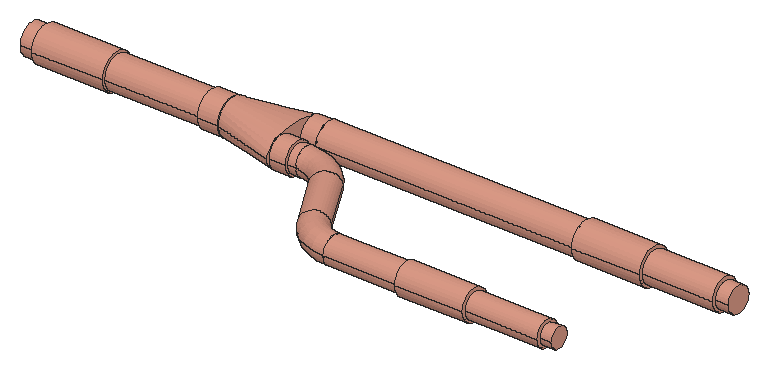
Revit family "outputfile", category 配管付属品, Revit 2024
Family settings
  丸型コネクタ寸法 = 半径を使用
  パーツ タイプ = 標準
  OmniClass 番号 = 23.65.55.00
  OmniClass タイトル = Distribution of Supplied Liquids/Gases
  作業面ベース = いいえ
  常に垂直 = はい
  ロード時にボイドで切り取り = いいえ
  共有 = いいえ
Parameters (values of type "BHRP25A33T")
  Description = ""
  製造元 = "Daikin"
  書き出し IFC クラス(タイプ) = "IfcPipeFittingType"
  定義済み IFC タイプ(タイプ) = "JUNCTION"
  Cost = 0
  Type Comments = ""
  Keynote = ""
  Type Image = (empty or 0)
  Assembly Code = ""
  mm⇔inch [instance] = yes
  Default Elevation = 0.0 mm
  モデル = "BHRP25A33T"
  table_StraightPipe [instance] = if(mm⇔inch, "Refnet Joint_BHRP25A-T_HPLPGas_StraightPipe", "Refnet Joint_BHRP25A-T_HPLPGas_StraightPipe_inch")  # "Refnet Joint_BHRP25A-T_HPLPGas_StraightPipe"
  table_BranchPipe [instance] = if(mm⇔inch, "Refnet Joint_BHRP25A-T_HPLPGas_BranchPipe", "Refnet Joint_BHRP25A-T_HPLPGas_BranchPipe_inch")  # "Refnet Joint_BHRP25A-T_HPLPGas_BranchPipe"
  table_Inlet [instance] = if(mm⇔inch, "Refnet Joint_BHRP25A-T_HPLPGas_Inlet", "Refnet Joint_BHRP25A-T_HPLPGas_Inlet_inch")  # "Refnet Joint_BHRP25A-T_HPLPGas_Inlet"
  switch_StraightPipe_Reducer [instance] = if(Is_StraightPipe Reducer = 1, 1 = 1, 1 = 0)  # no
  switch_StraightPipe3 [instance] = if(number_StraightPipe = 3, 1 = 1, 1 = 0)  # yes
  switch_StraightPipe2 [instance] = if(number_StraightPipe < 2, 1 = 0, 1 = 1)  # yes
  switch_BranchPipe_Reducer [instance] = if(Is_BranchPipe Reducer = 1, 1 = 1, 1 = 0)  # no
  switch_BranchPipe3 [instance] = if(number_BranchPipe = 3, 1 = 1, 1 = 0)  # yes
  switch_BranchPipe2 [instance] = if(number_BranchPipe < 2, 1 = 0, 1 = 1)  # yes
  switch_Inlet pipe_Reducer [instance] = if(Is_Inlet Reducer = 1, 1 = 1, 1 = 0)  # no
  switch_Inlet pipe3 [instance] = if(number_InletPipe = 3, 1 = 1, 1 = 0)  # no
  switch_Inlet pipe2 [instance] = if(number_InletPipe < 2, 1 = 0, 1 = 1)  # yes
  Uniclass2015Version = "Products v1.31"
  Uniclass2015Title = "Copper pipe fittings"
  Uniclass2015Code = "Pr_65_52_63_18"
  URL = ""
  StraightPipe_HP/LP Gas_ActualDiameter [instance] = 12.7 mm
  Material_Piping = DAIKIN_Copper_Pipe
  Material_Insulation = DAIKIN_White_Insulation
  lw_Insulation [instance] = size_lookup(table_Inlet, "lw_Insulation", 60.0 mm, モデル)  # 54.5 mm
  Unit Type = "BHRP25A-T_HPLPGas"
  Tag No. [instance] = ""
  StraightPipe_HP/LP Gas_Status [instance] = size_lookup(table_StraightPipe, "Information", "The connected pipe size is not available.", モデル, [StraightPipe_HP/LP Gas_ActualDiameter])  # "Default connector size is used."
  Link_Nested Family [instance] = ""
  Inlet_HP/LP Gas_Actual Diameter [instance] = 15.9 mm
  IfcVersion = ""
  IfcExportType = "JUNCTION"
  IfcExportAs = "IfcPipeFittingType"
  BranchPipe_HP/LP Gas_Status [instance] = size_lookup(table_BranchPipe, "Information", "The connected pipe size is not available.", モデル, [BranchPipe_HP/LP Gas_ActualDiameter])  # "Default connector size is used."
  Inlet_HP/LP Gas_Status [instance] = size_lookup(table_Inlet, "Information", "The connected pipe size is not available.", モデル, [Inlet_HP/LP Gas_Actual Diameter])  # "Default connector size is used."
  Series = "Refnet Joint"
  O.R_dividePipe_Inlet [instance] = (I.D_InletPipe1 + 2.0 mm) / 2  # 10.55 mm
  r_StraightPipe_Connector [instance] = [StraightPipe_HP/LP Gas_ActualDiameter] / 2  # 6.35 mm
  r_BranchPipe_Connector [instance] = [BranchPipe_HP/LP Gas_ActualDiameter] / 2  # 4.75 mm
  r_Inlet_Connector [instance] = [Inlet_HP/LP Gas_Actual Diameter] / 2  # 7.95 mm
  number_StraightPipe [instance] = size_lookup(table_StraightPipe, "pipeNumber", 3, モデル, [StraightPipe_HP/LP Gas_ActualDiameter])  # 3
  number_BranchPipe [instance] = size_lookup(table_BranchPipe, "pipeNumber", 2, モデル, [BranchPipe_HP/LP Gas_ActualDiameter])  # 3
  number_InletPipe [instance] = size_lookup(table_Inlet, "pipeNumber", 2, モデル, [Inlet_HP/LP Gas_Actual Diameter])  # 2
  r_BranchPipeR [instance] = size_lookup(table_BranchPipe, "r_offsetPipeR", 20.0 mm, モデル, [BranchPipe_HP/LP Gas_ActualDiameter])  # 25.0 mm
  l_BranchPipe_Straight2 [instance] = size_lookup(table_BranchPipe, "L_offsetPipe2", 40.0 mm, モデル)  # 43.0 mm
  l_BranchPipe_Straight1 [instance] = size_lookup(table_BranchPipe, "L_offsetPipe1", 5.5 mm, モデル)  # 5.0 mm
  l_BranchPipe connector [instance] = size_lookup(table_BranchPipe, "Length", 165.0 mm, モデル, [BranchPipe_HP/LP Gas_ActualDiameter])  # 210.0 mm
  l_inlet connector [instance] = size_lookup(table_Inlet, "Length", 97.0 mm, モデル, [Inlet_HP/LP Gas_Actual Diameter])  # 118.0 mm
  l_dividePipe [instance] = size_lookup(table_Inlet, "L_devidePipe", 38.0 mm, モデル)  # 38.0 mm
  l_StraightPipeReducer [instance] = size_lookup(table_StraightPipe, "L_Reducer", 100.0 mm, モデル, [StraightPipe_HP/LP Gas_ActualDiameter])  # 100.0 mm
  l_StraightPipe3 [instance] = size_lookup(table_StraightPipe, "L_Pipe3", 8.0 mm, モデル)  # 8.0 mm
  l_StraightPipe2 [instance] = size_lookup(table_StraightPipe, "L_Pipe2", 42.0 mm, モデル)  # 42.0 mm
  l_StraightPipe1 [instance] = size_lookup(table_StraightPipe, "L_Pipe1", 40.0 mm, モデル)  # 40.0 mm
  l_StraightPipe0 [instance] = size_lookup(table_StraightPipe, "L_Pipe0", 105.0 mm, モデル)  # 152.0 mm
  l_StraightPipe connector [instance] = size_lookup(table_StraightPipe, "Length", 205.0 mm, モデル, [StraightPipe_HP/LP Gas_ActualDiameter])  # 252.0 mm
  l_BranchPipe Reducer [instance] = size_lookup(table_BranchPipe, "L_Reducer", 80.0 mm, モデル, [BranchPipe_HP/LP Gas_ActualDiameter])  # 80.0 mm
  l_BranchPipe3 [instance] = size_lookup(table_BranchPipe, "L_Pipe3", 2.0 mm, モデル)  # 7.0 mm
  l_BranchPipe2 [instance] = size_lookup(table_BranchPipe, "L_Pipe2", 7.0 mm, モデル)  # 43.0 mm
  l_BranchPipe1 [instance] = size_lookup(table_BranchPipe, "L_Pipe1", 43.0 mm, モデル)  # 40.0 mm
  l_BranchPipe0 [instance] = size_lookup(table_BranchPipe, "L_Pipe0", 105.0 mm, モデル)  # 110.0 mm
  l_InletReducer [instance] = size_lookup(table_Inlet, "L_Reducer", 60.0 mm, モデル, [Inlet_HP/LP Gas_Actual Diameter])  # 60.0 mm
  l_InletPipe3 [instance] = size_lookup(table_Inlet, "L_Pipe3", 2.0 mm, モデル)  # 2.0 mm
  l_InletPipe2 [instance] = size_lookup(table_Inlet, "L_Pipe2", 8.0 mm, モデル)  # 8.0 mm
  l_InletPipe1 [instance] = size_lookup(table_Inlet, "L_Pipe1", 42.0 mm, モデル)  # 42.0 mm
  l_InletPipe0 [instance] = size_lookup(table_Inlet, "L_Pipe0", 35.0 mm, モデル)  # 56.0 mm
  center_StraightPipe [instance] = size_lookup(table_StraightPipe, "center_Pipe", 8.5 mm, モデル)  # 11.5 mm
  center_BranchPipe2 [instance] = size_lookup(table_BranchPipe, "center_OffsetPipe", 71.5 mm, モデル)  # 68.5 mm
  center_BranchPipe1 [instance] = size_lookup(table_BranchPipe, "center_Pipe", 8.5 mm, モデル)  # 11.5 mm
  StraightPipe_HP/LP Gas_AvailableDiameter [instance] = size_lookup(table_StraightPipe, "sizeVariation", "", モデル)  # "12.7/15.9/19.1mm"
  BranchPipe_HP/LP Gas_AvailableDiameter [instance] = size_lookup(table_BranchPipe, "sizeVariation", "", モデル)  # "9.5/12.7/15.9mm"
  Inlet_HP/LP Gas_Available Diameter [instance] = size_lookup(table_Inlet, "sizeVariation", "", モデル)  # "15.9/19.1mm"
  O.D_StraightPipe Reducer [instance] = size_lookup(table_StraightPipe, "O.D_reducer", 2 mm, モデル, [StraightPipe_HP/LP Gas_ActualDiameter])  # 2 mm
  O.D_Offset Outlet Reducer [instance] = size_lookup(table_BranchPipe, "O.D_reducer", 2 mm, モデル, [BranchPipe_HP/LP Gas_ActualDiameter])  # 2 mm
  O.D_Inlet Reducer [instance] = size_lookup(table_Inlet, "O.D_reducer", 2 mm, モデル, [Inlet_HP/LP Gas_Actual Diameter])  # 2 mm
  Is_StraightPipe Reducer [instance] = size_lookup(table_StraightPipe, "IsReducer", 0, モデル, [StraightPipe_HP/LP Gas_ActualDiameter])  # 0
  Is_BranchPipe Reducer [instance] = size_lookup(table_BranchPipe, "IsReducer", 0, モデル, [BranchPipe_HP/LP Gas_ActualDiameter])  # 0
  Is_Inlet Reducer [instance] = size_lookup(table_Inlet, "IsReducer", 0, モデル, [Inlet_HP/LP Gas_Actual Diameter])  # 0
  BranchPipe_HP/LP Gas_ActualDiameter [instance] = 9.5 mm
  Attach_Insulation [instance] = no
  I.D_StraightPipe3 [instance] = size_lookup(table_StraightPipe, "I.D_PipeSize3", 9.5 mm, モデル)  # 12.7 mm
  I.D_StraightPipe2 [instance] = size_lookup(table_StraightPipe, "I.D_PipeSize2", 12.7 mm, モデル)  # 15.9 mm
  I.D_StraightPipe1 [instance] = size_lookup(table_StraightPipe, "I.D_PipeSize1", 15.9 mm, モデル)  # 19.1 mm
  I.D_StraightPipe0 [instance] = size_lookup(table_StraightPipe, "I.D_PipeSize0", 13.9 mm, モデル)  # 17.1 mm
  I.D_BranchPipe3 [instance] = size_lookup(table_BranchPipe, "I.D_PipeSize3", 2 mm, モデル)  # 9.5 mm
  I.D_BranchPipe2 [instance] = size_lookup(table_BranchPipe, "I.D_PipeSize2", 9.5 mm, モデル)  # 12.7 mm
  I.D_BranchPipe1 [instance] = size_lookup(table_BranchPipe, "I.D_PipeSize1", 12.7 mm, モデル)  # 15.9 mm
  I.D_BranchPipe0 [instance] = size_lookup(table_BranchPipe, "I.D_PipeSize0", 10.7 mm, モデル)  # 13.9 mm
  I.D_Straight Reducer [instance] = size_lookup(table_StraightPipe, "I.D_reducer", 2 mm, モデル, [StraightPipe_HP/LP Gas_ActualDiameter])  # 2 mm
  I.D_OutletPipe [instance] = size_lookup(table_Inlet, "I.D_OutletPipeSize", 13.3 mm, モデル, [Inlet_HP/LP Gas_Actual Diameter])  # 16.3 mm
  I.D_Branch Reducer [instance] = size_lookup(table_BranchPipe, "I.D_reducer", 2 mm, モデル, [BranchPipe_HP/LP Gas_ActualDiameter])  # 2 mm
  I.D_Inlet Reducer [instance] = size_lookup(table_Inlet, "I.D_reducer", 2 mm, モデル, [Inlet_HP/LP Gas_Actual Diameter])  # 2 mm
  I.D_InletPipe3 [instance] = size_lookup(table_Inlet, "I.D_PipeSize3", 2 mm, モデル)  # 2 mm
  I.D_InletPipe2 [instance] = size_lookup(table_Inlet, "I.D_PipeSize2", 12.7 mm, モデル)  # 15.9 mm
  I.D_InletPipe1 [instance] = size_lookup(table_Inlet, "I.D_PipeSize1", 15.9 mm, モデル)  # 19.1 mm
  I.D_InletPipe0 [instance] = size_lookup(table_Inlet, "I.D_PipeSize0", 13.9 mm, モデル)  # 17.1 mm
Reference planes
  plane 1 "Center (Front/Back)": y = 0
  plane 2: z = 0
  plane 3 "base_left": x = 0
  plane 4: x = 2
  plane 5: x = 10
  plane 6: x = 52
  plane 7: x = 108
  plane 8: x = 120
  plane 9: x = 158
  plane 10: x = 168
  plane 11 "center_straight outlet": y = 11.5
  plane 12 "center2_offset outlet": y = -68.5
  plane 13 "center1_offset outlet": y = -11.5
  plane 14: x = 320
  plane 15: x = 360
  plane 16: x = 402
  plane 17: x = 278
  plane 18: x = 318
  plane 19: x = 361
  plane 20: x = 410
  plane 21: x = 368
  plane 22 "Reducer_straightoutlet": x = 368
  plane 23: x = 410
  plane 24: y = -22.05
  plane 25: z = 10.55
  plane 26 "Inlet_connector": x = 2
  plane 27 "Left_Insulation": x = 65.5
Forms (mm)
  SweptBlend 1, solid, material "DAIKIN_Copper_Pipe" <- "Material_Piping"
    path origin (0, 0, 0) x (1, 0, 0) y (0, 1, 0)
      loop
        line (120, 0) -> (158, 0)
    profile origin (120, 0, 0) x (0, 1, 0) y (0, 0, 1)
      loop
        circle (0, 0) r 10.55
    end profile origin (158, 0, 0) x (0, 1, 0) y (0, 0, 1)
      loop
        spline (-22.05, 0) -> (-21.299, -2.731) -> (-19.096, -5.275) -> (-15.592, -7.46) -> (-11.025, -9.137) -> (-5.707, -10.191) -> (0, -10.55) -> (5.707, -10.191) -> (11.025, -9.137) -> (15.592, -7.46) -> (19.096, -5.275) -> (21.299, -2.731) -> (22.05, 0)
        spline (22.05, 0) -> (21.299, 2.731) -> (19.096, 5.275) -> (15.592, 7.46) -> (11.025, 9.137) -> (5.707, 10.191) -> (0, 10.55) -> (-5.707, 10.191) -> (-11.025, 9.137) -> (-15.592, 7.46) -> (-19.096, 5.275) -> (-21.299, 2.731) -> (-22.05, 0)
Dimensions and locks
  "l_InletPipe3": plane 3 "base_left" to plane 4
  "l_InletPipe2": plane 4 to plane 5
  "l_InletPipe1": plane 5 to plane 6
  "l_InletPipe0": plane 6 to plane 7
  locked: plane 7 to plane 8 at 12
  "center_StraightPipe": plane 1 "Center (Front/Back)" to plane 11 "center_straight outlet"
  "center_BranchPipe2": plane 12 "center2_offset outlet" to plane 1 "Center (Front/Back)"
  "center_BranchPipe1": plane 13 "center1_offset outlet" to plane 1 "Center (Front/Back)"
  "l_dividePipe": plane 8 to plane 9
  plane 9 to plane 10 = 10.0 mm
  "l_StraightPipe0": plane 10 to plane 14
  "l_BranchPipe0": plane 10 to plane 17
  "l_BranchPipe1": plane 17 to plane 18
  "l_BranchPipe2": plane 18 to plane 19
  "l_StraightPipe1": plane 14 to plane 15
  "l_StraightPipe2": plane 15 to plane 16
  "l_StraightPipe3": plane 16 to plane 20
  "l_BranchPipe3": plane 19 to plane 21
  "l_BranchPipe connector": plane 9 to plane 22 "Reducer_straightoutlet"
  "l_StraightPipe connector": plane 9 to plane 23
  "O.R_dividePipe_Inlet": plane 24 to plane 13 "center1_offset outlet"
  "O.R_dividePipe_Inlet": plane 25 to plane 2
  "l_inlet connector": plane 26 "Inlet_connector" to plane 8
  "lw_Insulation": plane 27 "Left_Insulation" to plane 8
  "O.R_dividePipe_Inlet": radius of SweptBlend 1 sketch curve
  aligned and locked: level to plane 2
  aligned and locked: plane 2 to nested 1
  aligned and locked: plane 3 "base_left" to nested 1
  aligned and locked: plane 1 "Center (Front/Back)" to nested 1
  aligned and locked: plane 4 to nested 2
  aligned and locked: plane 1 "Center (Front/Back)" to nested 2
  aligned and locked: plane 5 to nested 2
  aligned and locked: plane 5 to nested 3
  aligned and locked: plane 6 to nested 3
  aligned and locked: plane 6 to nested 4
  aligned and locked: nested 4 to plane 7
  aligned and locked: nested 5 to plane 7
  aligned and locked: nested 5 to plane 8
  aligned and locked: plane 8 to SweptBlend 1 sketch curve
  aligned and locked: plane 9 to SweptBlend 1 sketch curve
  aligned and locked: plane 2 to SweptBlend 1 sketch curve  (x2)
  aligned and locked: plane 1 "Center (Front/Back)" to SweptBlend 1 sketch curve  (x2)
  aligned and locked: nested 6 to plane 9
  aligned and locked: nested 7 to plane 9
  aligned and locked: nested 6 to plane 11 "center_straight outlet"
  aligned and locked: nested 7 to plane 13 "center1_offset outlet"
  aligned and locked: nested 7 to plane 10
  aligned and locked: nested 6 to plane 10
  aligned and locked: nested 8 to plane 10
  aligned and locked: plane 14 to nested 8
  aligned and locked: nested 8 to plane 11 "center_straight outlet"
  aligned and locked: plane 14 to nested 9
  aligned and locked: nested 9 to plane 11 "center_straight outlet"
  aligned and locked: plane 15 to nested 9
  aligned and locked: nested 10 to plane 11 "center_straight outlet"
  aligned and locked: plane 15 to nested 10
  aligned and locked: plane 16 to nested 10
  aligned and locked: nested 11 to plane 12 "center2_offset outlet"
  aligned and locked: plane 17 to nested 11
  aligned and locked: plane 18 to nested 11
  aligned and locked: nested 12 to plane 12 "center2_offset outlet"
  aligned and locked: plane 18 to nested 12
  aligned and locked: plane 19 to nested 12
  aligned and locked: nested 13 to plane 10
  aligned and locked: nested 13 to plane 13 "center1_offset outlet"
  aligned and locked: nested 13 to plane 12 "center2_offset outlet"
  aligned and locked: plane 8 to nested 14
  aligned and locked: plane 1 "Center (Front/Back)" to nested 14
  aligned and locked: plane 11 "center_straight outlet" to nested 15
  aligned and locked: nested 15 to plane 9
  aligned and locked: nested 16 to plane 9
  aligned and locked: plane 12 "center2_offset outlet" to nested 16
  aligned and locked: nested 17 to plane 1 "Center (Front/Back)"
  aligned and locked: plane 16 to nested 18
  aligned and locked: plane 20 to nested 18
  aligned and locked: plane 19 to nested 19
  aligned and locked: plane 21 to nested 19
  aligned and locked: nested 20 to plane 12 "center2_offset outlet"
  aligned and locked: plane 23 to nested 21
  aligned and locked: nested 21 to plane 11 "center_straight outlet"
  aligned and locked: plane 4 to nested 1
  aligned and locked: plane 24 to SweptBlend 1 sketch curve
  aligned and locked: plane 25 to SweptBlend 1 sketch curve
  aligned and locked: nested 19 to plane 12 "center2_offset outlet"
  aligned and locked: nested 18 to plane 11 "center_straight outlet"
  aligned and locked: nested 17 to plane 26 "Inlet_connector"
  aligned and locked: plane 22 "Reducer_straightoutlet" to nested 20
  aligned and locked: plane 27 "Left_Insulation" to nested 22
  aligned and locked: plane 1 "Center (Front/Back)" to nested 22
Automatic sketch dimensions
  plane 1 "Center (Front/Back)" to SweptBlend 1 sketch curve = 0.0 mm
Nested families
  nested 1: "daikin_Pipe" at (1, 0, 0), I.D_Pipe <- "I.D_InletPipe3", display <- "switch_Inlet pipe3", type "*"
    with length_Pipe 2.0 mm, display no, O.D_Pipe 4.0 mm, I.D_Pipe 2.0 mm
  nested 2: "daikin_Pipe" at (6, 0, 0), I.D_Pipe <- "I.D_InletPipe2", display <- "switch_Inlet pipe2", type "*"
    with length_Pipe 8.0 mm, display yes, O.D_Pipe 17.9 mm, I.D_Pipe 15.9 mm
  nested 3: "daikin_Pipe" at (31, 0, 0), I.D_Pipe <- "I.D_InletPipe1", type "*"
    with length_Pipe 42.0 mm, display yes, O.D_Pipe 21.1 mm, I.D_Pipe 19.1 mm
  nested 4: "daikin_Pipe" at (80, 0, 0), I.D_Pipe <- "I.D_InletPipe0", type "*"
    with length_Pipe 56.0 mm, display yes, O.D_Pipe 19.1 mm, I.D_Pipe 17.1 mm
  nested 5: "daikin_Pipe" at (114, 0, 0), I.D_Pipe <- "I.D_InletPipe1", type "*"
    with length_Pipe 12.0 mm, display yes, O.D_Pipe 21.1 mm, I.D_Pipe 19.1 mm
  nested 6: "daikin_Pipe" at (163, 11.5, 0), I.D_Pipe <- "I.D_OutletPipe", type "*"
    with length_Pipe 10.0 mm, display yes, O.D_Pipe 18.3 mm, I.D_Pipe 16.3 mm
  nested 7: "daikin_Pipe" at (163, -11.5, 0), I.D_Pipe <- "I.D_OutletPipe", type "*"
    with length_Pipe 10.0 mm, display yes, O.D_Pipe 18.3 mm, I.D_Pipe 16.3 mm
  nested 8: "daikin_Pipe" at (244, 11.5, 0), I.D_Pipe <- "I.D_StraightPipe0", type "*"
    with length_Pipe 152.0 mm, display yes, O.D_Pipe 19.1 mm, I.D_Pipe 17.1 mm
  nested 9: "daikin_Pipe" at (340, 11.5, 0), I.D_Pipe <- "I.D_StraightPipe1", type "*"
    with length_Pipe 40.0 mm, display yes, O.D_Pipe 21.1 mm, I.D_Pipe 19.1 mm
  nested 10: "daikin_Pipe" at (381, 11.5, 0), I.D_Pipe <- "I.D_StraightPipe2", display <- "switch_StraightPipe2", type "*"
    with length_Pipe 42.0 mm, display yes, O.D_Pipe 17.9 mm, I.D_Pipe 15.9 mm
  nested 11: "daikin_Pipe" at (298, -68.5, 0), I.D_Pipe <- "I.D_BranchPipe1", type "*"
    with length_Pipe 40.0 mm, display yes, O.D_Pipe 17.9 mm, I.D_Pipe 15.9 mm
  nested 12: "daikin_Pipe" at (339.5, -68.5, 0), I.D_Pipe <- "I.D_BranchPipe2", display <- "switch_BranchPipe2", type "*"
    with length_Pipe 43.0 mm, display yes, O.D_Pipe 14.7 mm, I.D_Pipe 12.7 mm
  nested 13: "daikin_Pipe Ofsset" at (168, -11.5, 0), I.D_Pipe size <- "I.D_BranchPipe0", length_straight pipe1 <- "l_BranchPipe_Straight1", length_straight pipe2 <- "l_BranchPipe_Straight2", r_Pipe R <- "r_BranchPipeR", length_Pipe <- "l_BranchPipe0", type "*"
    with r_Pipe R 25.0 mm, length_straight pipe2 43.0 mm, length_straight pipe1 5.0 mm, length_offset center 57.0 mm, length_Pipe 110.0 mm, O.D_Pipe size 15.9 mm, I.D_Pipe size 13.9 mm
  nested 14: "daikin_connector_rotate2" at (120, 0, 0) x (0, -1, 0) z (0, 0, 1), length <- "l_inlet connector", type "daikin_connector_rotate2"
    with radius 5.0 mm, length 118.0 mm, angle_vertical 90.00°, locaton_mark no
  nested 15: "daikin_connector_rotate2" at (158, 11.5, 0) x (0, 1, 0) z (0, 0, 1), length <- "l_StraightPipe connector", type "daikin_connector_rotate2"
    with radius 5.0 mm, length 252.0 mm, angle_vertical 90.00°, locaton_mark no
  nested 16: "daikin_connector_rotate2" at (158, -68.5, 0) x (0, 1, 0) z (0, 0, 1), length <- "l_BranchPipe connector", type "daikin_connector_rotate2"
    with radius 5.0 mm, length 210.0 mm, angle_vertical 90.00°, locaton_mark no
  nested 17: "daikin_Pipe_reducer" at (32, 0, 0) x (-1, 0, 0) z (0, 0, 1), display <- "switch_Inlet pipe_Reducer", length_Pipe <- "l_InletReducer", I.D_Pipe1 <- "I.D_Inlet Reducer", O.D_Pipe2 <- "O.D_Inlet Reducer", type "*"
    with length_Pipe 60.0 mm, display no, O.D_Pipe2 2.0 mm, O.D_Pipe1 4.0 mm, I.D_Pipe2 0.0 mm, I.D_Pipe1 2.0 mm
  nested 18: "daikin_Pipe" at (406, 11.5, 0), I.D_Pipe <- "I.D_StraightPipe3", display <- "switch_StraightPipe3", type "*"
    with length_Pipe 8.0 mm, display yes, O.D_Pipe 14.7 mm, I.D_Pipe 12.7 mm
  nested 19: "daikin_Pipe" at (364.5, -68.5, 0), I.D_Pipe <- "I.D_BranchPipe3", display <- "switch_BranchPipe3", type "*"
    with length_Pipe 7.0 mm, display yes, O.D_Pipe 11.5 mm, I.D_Pipe 9.5 mm
  nested 20: "daikin_Pipe_reducer" at (328, -68.5, 0), I.D_Pipe1 <- "I.D_Branch Reducer", O.D_Pipe2 <- "O.D_Offset Outlet Reducer", length_Pipe <- "l_BranchPipe Reducer", display <- "switch_BranchPipe_Reducer", type "*"
    with length_Pipe 80.0 mm, display no, O.D_Pipe2 2.0 mm, O.D_Pipe1 4.0 mm, I.D_Pipe2 0.0 mm, I.D_Pipe1 2.0 mm
  nested 21: "daikin_Pipe_reducer" at (360, 11.5, 0), I.D_Pipe1 <- "I.D_Straight Reducer", O.D_Pipe2 <- "O.D_StraightPipe Reducer", length_Pipe <- "l_StraightPipeReducer", display <- "switch_StraightPipe_Reducer", type "*"
    with length_Pipe 100.0 mm, display no, O.D_Pipe2 2.0 mm, O.D_Pipe1 4.0 mm, I.D_Pipe2 0.0 mm, I.D_Pipe1 2.0 mm
  nested 22: "daikin_Insulation_RefnetJoint" at (65.5, 0, 0), I.D_Outlet PipeSize <- "I.D_OutletPipe", type "*"
    with h 48.3 mm, I.D_Outlet PipeSize 16.3 mm, h_Insulation 203.2 mm, d_Insulation3_3 69.5 mm, d_Insulation1_1 27.5 mm, w_Insulation4 65.6 mm, w_Insulation3 38.9 mm, w_Insulation2 75.0 mm, w_Insulation1 35.0 mm, d_Insulation1 27.5 mm
Connectors
  piping at (2, 0, 0), diameter 15.9, driven by "r_Inlet_Connector"
    settings: on nested 14, index 1, connector inside diameter 609.6 mm, connector length 0.0 mm, flow factor 0, pipe flow 0.00 m³/h, pressure drop 0.0 Pa, fitting loss kfactor 0, connector angle 0.00°, fixture units 0, engagement length 0.0 mm, angle of deflection 0.00°, flow configuration 0, flow direction 0, fitting loss method 0, system type 29, joint type 0, gender type 0, connector reference index -1, connector utility 0, adjustable connector no, is connector primary yes, connector description "Refnet Joint_Inlet_HP/LP Gas"
  piping at (368, -68.5, 0), diameter 9.5, driven by "r_BranchPipe_Connector"
    settings: on nested 16, index 2, connector inside diameter 609.6 mm, connector length 0.0 mm, flow factor 0, pipe flow 0.00 m³/h, pressure drop 0.0 Pa, fitting loss kfactor 0, connector angle 0.00°, fixture units 0, engagement length 0.0 mm, angle of deflection 0.00°, flow configuration 0, flow direction 0, fitting loss method 0, system type 29, joint type 0, gender type 0, connector reference index -1, connector utility 0, adjustable connector no, is connector primary no, connector description "Refnet Joint_Outlet Branch_HP/LP Gas"
  piping at (410, 11.5, 0), diameter 12.7, driven by "r_StraightPipe_Connector"
    settings: on nested 15, index 3, connector inside diameter 609.6 mm, connector length 0.0 mm, flow factor 0, pipe flow 0.00 m³/h, pressure drop 0.0 Pa, fitting loss kfactor 0, connector angle 0.00°, fixture units 0, engagement length 0.0 mm, angle of deflection 0.00°, flow configuration 0, flow direction 0, fitting loss method 0, system type 29, joint type 0, gender type 0, connector reference index -1, connector utility 0, adjustable connector no, is connector primary no, connector description "Refnet Joint_Outlet Straight_HP/LP Gas"
Definition of nested family "daikin_Pipe"
  Parameters (values of type "*")
    Default Elevation = 0.0 mm
    material = none
    length_Pipe [instance] = 150.0 mm
    display [instance] = yes
    O.D_Pipe [instance] = I.D_Pipe + 2.0 mm  # 27.0 mm
    I.D_Pipe [instance] = 25.0 mm
  Reference planes
    plane 1 "Center (Front/Back)": y = 0
    plane 2 "center(vertical)": z = 0
    plane 3 "Center (Left/Right)": x = 0
    plane 4 "left": x = -75
    plane 5 "right": x = 75
  Forms (mm)
    Extrusion 1, solid, material <- "material", visible <- "display"
      sketch origin (0, 0, 0) x (0, 1, 0) y (0, 0, 1)
        loop
          circle (0, 0) r 13.5
      from -75 to 75
  Dimensions and locks
    equal spacing: plane 4 "left", plane 3 "Center (Left/Right)", plane 5 "right"
    "length_Pipe": plane 4 "left" to plane 5 "right"
    "O.D_Pipe": diameter of Extrusion 1 sketch curve
    aligned and locked: level to plane 2 "center(vertical)"
    aligned and locked: plane 2 "center(vertical)" to Extrusion 1 sketch curve
    aligned and locked: plane 1 "Center (Front/Back)" to Extrusion 1 sketch curve
    aligned and locked: plane 5 "right" to Extrusion 1
    aligned and locked: Extrusion 1 to plane 4 "left"
Definition of nested family "daikin_Pipe Ofsset"
  Parameters (values of type "*")
    Default Elevation = 0.0 mm
    r_Pipe R [instance] = 40.0 mm
    material = none
    length_straight pipe2 [instance] = 43.0 mm
    length_straight pipe1 [instance] = 5.0 mm
    length_offset center [instance] = 57.0 mm
    length_Pipe [instance] = 110.0 mm
    O.D_Pipe size [instance] = I.D_Pipe size + 2 mm  # 12 mm
    I.D_Pipe size [instance] = 10 mm
  Reference planes
    plane 1 "Center (Front/Back)": y = 0
    plane 2: z = 0
    plane 3 "Center (Left/Right)": x = 0
    plane 4: y = -57
    plane 5: x = 110
    plane 6: x = 67
    plane 7: x = 5
  Forms (mm)
    Sweep 1, solid, material <- "material"
      path origin (0, 0, 0) x (1, 0, 0) y (0, 1, 0)
        loop
          line (0, 0) -> (5, 0)
          arc (5, 0) -> (20.74, -3.227) -> (33.94, -12.387) r 40
          line (33.94, -12.387) -> (38.06, -44.613)
          arc (38.06, -44.613) -> (51.26, -53.773) -> (67, -57) r 40
          line (67, -57) -> (110, -57)
      profile origin (2.5, 0, 0) x (0, 1, 0) y (0, 0, 1)
        loop
          circle (0, 0) r 6
  Dimensions and locks
    "length_offset center": plane 4 to plane 1 "Center (Front/Back)"
    "length_straight pipe1": plane 3 "Center (Left/Right)" to plane 7
    "length_Pipe": plane 3 "Center (Left/Right)" to plane 5
    "length_straight pipe2": plane 6 to plane 5
    "O.D_Pipe size": diameter of Sweep 1 sketch curve
    "r_Pipe R": radius of Sweep 1 sketch curve  (x2)
    aligned and locked: level to plane 2
    aligned and locked: plane 1 "Center (Front/Back)" to Sweep 1 sketch curve
    aligned and locked: profile plane to Sweep 1 sketch curve
    aligned and locked: plane 5 to Sweep 1 sketch curve
    aligned and locked: plane 7 to Sweep 1 sketch curve
    aligned and locked: plane 6 to Sweep 1 sketch curve
  Automatic sketch dimensions
    plane 1 "Center (Front/Back)" to Sweep 1 sketch curve = 0.0 mm
    Sweep 1 sketch curve to plane 3 "Center (Left/Right)" = 0.0 mm
    plane 4 to Sweep 1 sketch curve = 0.0 mm
    plane 1 "Center (Front/Back)" to Sweep 1 sketch curve = 12.387 mm
    Sweep 1 sketch curve to plane 4 = 12.387 mm
Definition of nested family "daikin_connector_rotate2"
  Parameters (values of type "daikin_connector_rotate2")
    show_face = no
    radius [instance] = 10.0 mm
    locaton_mark = yes
    length [instance] = 600.0 mm
    d_surface = 10.0 mm
    angle_vertical [instance] = 90.00°
    Default Elevation = 0.0 mm
  Reference planes
    plane 1 "Center (Front/Back)": y = 0
    plane 2: z = 0
    plane 3 "Center (Left/Right)": x = 0
  Forms (mm)
    Extrusion 1, solid, visible <- "show_face"
      sketch origin (0, -600, 0) x (1, 0, 0) y (0, 0, 1)
        loop
          circle (0, 0) r 10
      from 0 to -10
  Lines and regions (mm)
    reference lines
      curve 1: line (0, 0, 0) -> (0, -600, 0)
    symbolic lines, visible <- "locaton_mark"
      curve 2: circle (0, 0, 0) r 5 normal (0, 0, 1)
    model lines, visible <- "show_face"
      curve 3: line (0, 0, 0) -> (0, -600, 0)
  Dimensions and locks
    "length": curve 1 to curve 1
    "length": curve 3 to curve 3
    "d_surface": Extrusion 1 to Extrusion 1
    "radius": radius of Extrusion 1 sketch curve
    "angle_vertical": angle curve 1 to plane 1 "Center (Front/Back)"
    "angle_vertical": angle curve 3 to plane 1 "Center (Front/Back)"
    aligned and locked: level to plane 2
    aligned and locked: plane 1 "Center (Front/Back)" to curve 1
    aligned and locked: plane 2 to curve 1
    aligned and locked: plane 1 "Center (Front/Back)" to curve 2
    aligned and locked: plane 3 "Center (Left/Right)" to curve 2
    aligned and locked: plane 1 "Center (Front/Back)" to curve 3
    aligned and locked: plane 2 to curve 3
    aligned and locked: Extrusion 1 to Extrusion 1
  Automatic sketch dimensions
    Extrusion 1 sketch curve to level = 0.0 mm
    Extrusion 1 sketch curve to plane 3 "Center (Left/Right)" = 0.0 mm
    radius of curve 2 = 5.0 mm
Definition of nested family "daikin_Pipe_reducer"
  Parameters (values of type "*")
    Default Elevation = 0.0 mm
    material = none
    length_Pipe [instance] = 250.0 mm
    display [instance] = yes
    O.D_Pipe2 [instance] = 19.1 mm
    O.D_Pipe1 [instance] = I.D_Pipe1 + 2.0 mm  # 24.2 mm
    I.D_Pipe2 [instance] = O.D_Pipe2 - 2.0 mm  # 17.1 mm
    I.D_Pipe1 [instance] = 22.2 mm
  Reference planes
    plane 1 "Center (Front/Back)": y = 0
    plane 2 "center(vertical)": z = 0
    plane 3 "Center (Left/Right)": x = 0
    plane 4 "connection": x = -125
    plane 5 "right": x = 113
    plane 6: x = 125
  Forms (mm)
    Extrusion 1, solid, material <- "material", visible <- "display"
      sketch origin (0, 0, 0) x (0, 1, 0) y (0, 0, 1)
        loop
          circle (0, 0) r 9.55
      from -125 to 113
    Extrusion 2, solid, material <- "material", visible <- "display"
      sketch origin (0, 0, 0) x (0, 1, 0) y (0, 0, 1)
        loop
          circle (0, 0) r 12.1
      from 113 to 125
  Dimensions and locks
    locked: plane 5 "right" to plane 6 at 12
    "length_Pipe": plane 4 "connection" to plane 6
    equal spacing: plane 4 "connection", plane 3 "Center (Left/Right)", plane 6
    "O.D_Pipe2": diameter of Extrusion 1 sketch curve
    "O.D_Pipe1": diameter of Extrusion 2 sketch curve
    aligned and locked: level to plane 2 "center(vertical)"
    aligned and locked: plane 2 "center(vertical)" to Extrusion 1 sketch curve
    aligned and locked: plane 1 "Center (Front/Back)" to Extrusion 1 sketch curve
    aligned and locked: plane 5 "right" to Extrusion 1
    aligned and locked: Extrusion 1 to plane 4 "connection"
    aligned and locked: plane 2 "center(vertical)" to Extrusion 2 sketch curve
    aligned and locked: plane 1 "Center (Front/Back)" to Extrusion 2 sketch curve
    aligned and locked: Extrusion 2 to plane 5 "right"
    aligned and locked: plane 6 to Extrusion 2
Definition of nested family "daikin_Insulation_RefnetJoint"
  Parameters (values of type "*")
    r_Insulation = size_lookup(table_Insulation, "r_Insulation", 13.5 mm, Model)  # 13.5 mm
    h_Insulation = size_lookup(table_Insulation, "h_Insulation", 202.5 mm, Model)  # 202.5 mm
    d_Insulation3_3 = size_lookup(table_Insulation, "d_Insulation3_3", 68.0 mm, Model)  # 68.0 mm
    d_Insulation2_2 = size_lookup(table_Insulation, "d_Insulation2_2", 39.5 mm, Model)  # 39.5 mm
    d_Insulation1_1 = size_lookup(table_Insulation, "d_Insulation1_1", 28.0 mm, Model)  # 28.0 mm
    Default Elevation = 0.0 mm
    Model = "BHRP25A22T"
    w_Insulation5 = size_lookup(table_Insulation, "w_Insulation5", 212.0 mm, Model)  # 212.0 mm
    w_Insulation4 = size_lookup(table_Insulation, "w_Insulation4", 67.0 mm, Model)  # 67.0 mm
    w_Insulation3 = size_lookup(table_Insulation, "w_Insulation3", 34.7 mm, Model)  # 34.7 mm
    w_Insulation2 = size_lookup(table_Insulation, "w_Insulation2", 80.0 mm, Model)  # 80.0 mm
    w_Insulation1 = size_lookup(table_Insulation, "w_Insulation1", 22.0 mm, Model)  # 22.0 mm
    table_Insulation = "Refnet Joint_BHRP25A-T_HPLPGas_Insulation"  # constant formula
    material = none
    h [instance] = (I.D_Outlet PipeSize + 2.0 mm) + 30.0 mm  # 47.0 mm
    display = no
    d_Insulation3 = size_lookup(table_Insulation, "d_Insulation3", 63.5 mm, Model)  # 63.5 mm
    d_Insulation2 = size_lookup(table_Insulation, "d_Insulation2", 39.5 mm, Model)  # 39.5 mm
    d_Insulation1 = size_lookup(table_Insulation, "d_Insulation1", 28.0 mm, Model)  # 28.0 mm
    I.D_Outlet PipeSize [instance] = 15.0 mm
  Reference planes
    plane 1 "Center (Front/Back)": y = 0
    plane 2: z = 0
    plane 3 "Left": x = 0
    plane 4 "top": z = 23.5
    plane 5 "bottom": z = -23.5
    plane 6: x = 22
    plane 7: x = 80
    plane 8: y = 28
    plane 9: y = -28
    plane 10: y = 39.5
    plane 11: y = -39.5
    plane 12: y = -92
    plane 13: x = 212
    plane 14: y = -28.5
    plane 15: x = 114.7
    plane 16: x = 145
    plane 17: x = 202.5
  Forms (mm)
    Extrusion 1, solid, material <- "material", visible <- "display"
      sketch origin (0, 0, 0) x (1, 0, 0) y (0, 1, 0)
        loop
          line (22, 28) -> (0, 28) -> (0, -28) -> (22, -28) -> (80, -39.5) -> (114.7, -39.5) -> (145, -92) -> (212, -92) -> (212, -42) -> (202.5, -42)
          arc (202.5, -42) -> (189, -28.5) -> (202.5, -15) r 13.5
          line (202.5, -15) -> (212, -15) -> (212, 39.5) -> (80, 39.5) -> (22, 28)
      from -23.5 to 23.5
  Dimensions and locks
    equal spacing: plane 4 "top", plane 2, plane 5 "bottom"
    "h": plane 4 "top" to plane 5 "bottom"
    "w_Insulation1": plane 3 "Left" to plane 6
    "w_Insulation2": plane 3 "Left" to plane 7
    "w_Insulation5": plane 3 "Left" to plane 13
    "w_Insulation3": plane 7 to plane 15
    "w_Insulation4": plane 16 to plane 13
    "d_Insulation1": plane 1 "Center (Front/Back)" to plane 9
    "d_Insulation1_1": plane 8 to plane 1 "Center (Front/Back)"
    "d_Insulation2": plane 1 "Center (Front/Back)" to plane 11
    "d_Insulation2_2": plane 10 to plane 1 "Center (Front/Back)"
    "d_Insulation3_3": plane 10 to plane 14
    "d_Insulation3": plane 14 to plane 12
    "r_Insulation": Extrusion 1 sketch curve to plane 14
    "r_Insulation": plane 14 to Extrusion 1 sketch curve
    "h_Insulation": plane 3 "Left" to plane 17
    "r_Insulation": radius of Extrusion 1 sketch curve
    aligned and locked: level to plane 2
    aligned and locked: Extrusion 1 to plane 5 "bottom"
    aligned and locked: plane 4 "top" to Extrusion 1
    aligned and locked: plane 6 to Extrusion 1  (x2)
    aligned and locked: plane 7 to Extrusion 1  (x2)
    aligned and locked: plane 6 to Extrusion 1 sketch curve
    aligned and locked: plane 11 to Extrusion 1 sketch curve
    aligned and locked: plane 7 to Extrusion 1 sketch curve  (x2)
    aligned and locked: plane 10 to Extrusion 1 sketch curve
    aligned and locked: Extrusion 1 sketch curve to plane 12
    aligned and locked: Extrusion 1 sketch curve to plane 13  (x2)
    aligned and locked: plane 16 to Extrusion 1 sketch curve
    aligned and locked: plane 15 to Extrusion 1 sketch curve
    aligned and locked: plane 17 to Extrusion 1 sketch curve
  Automatic sketch dimensions
    Extrusion 1 sketch curve to plane 3 "Left" = 0.0 mm
    Extrusion 1 sketch curve to plane 6 = 0.0 mm
    Extrusion 1 sketch curve to plane 9 = 0.0 mm
    Extrusion 1 sketch curve to plane 8 = 0.0 mm
